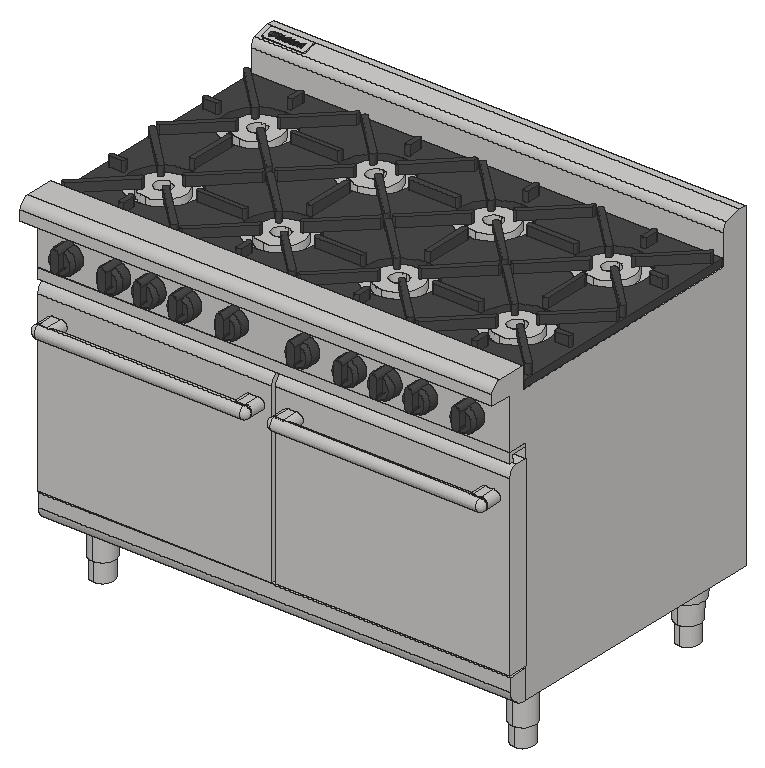
Revit family "QF_MOFFAT WALDORF_RNL8820G", category Specialty Equipment, Revit 2012 (continued)
Automatic sketch dimensions
  Split face 18 sketch curve to Split face 18 sketch curve = 0.7874"
  Extrusion 1 to Split face 19 sketch curve = 0.07725"
  Split face 19 sketch curve to Extrusion 1 = 0.5567"
  Split face 19 sketch curve to Extrusion 1 = 23.01181"
  Split face 19 sketch curve to Split face 19 sketch curve = 0.7874"
  Extrusion 1 to Split face 20 sketch curve = 0.07725"
  Split face 20 sketch curve to Extrusion 1 = 0.5567"
  Split face 20 sketch curve to Extrusion 1 = 21.94882"
  Split face 20 sketch curve to Split face 20 sketch curve = 0.7874"
  Extrusion 1 to Split face 21 sketch curve = 0.07725"
  Split face 21 sketch curve to Extrusion 1 = 0.5567"
  Split face 21 sketch curve to Extrusion 1 = 20.88583"
  Split face 21 sketch curve to Split face 21 sketch curve = 0.7874"
  Extrusion 1 to Split face 22 sketch curve = 0.07725"
  Split face 22 sketch curve to Extrusion 1 = 0.5567"
  Split face 22 sketch curve to Extrusion 1 = 19.82283"
  Split face 22 sketch curve to Split face 22 sketch curve = 0.7874"
  Extrusion 1 to Split face 23 sketch curve = 0.07725"
  Split face 23 sketch curve to Extrusion 1 = 0.5567"
  Split face 23 sketch curve to Extrusion 1 = 18.75984"
  Split face 23 sketch curve to Split face 23 sketch curve = 0.7874"
  Extrusion 1 to Split face 24 sketch curve = 0.07725"
  Split face 24 sketch curve to Extrusion 1 = 0.5567"
  Split face 24 sketch curve to Extrusion 1 = 17.69685"
  Split face 24 sketch curve to Split face 24 sketch curve = 0.7874"
  Extrusion 1 to Split face 25 sketch curve = 0.07725"
  Split face 25 sketch curve to Extrusion 1 = 0.5567"
  Split face 25 sketch curve to Extrusion 1 = 16.63386"
  Split face 25 sketch curve to Split face 25 sketch curve = 0.7874"
  Extrusion 1 to Split face 26 sketch curve = 0.07725"
  Split face 26 sketch curve to Extrusion 1 = 0.5567"
  Split face 26 sketch curve to Extrusion 1 = 15.57087"
  Split face 26 sketch curve to Split face 26 sketch curve = 0.7874"
  Extrusion 1 to Split face 27 sketch curve = 0.07725"
  Split face 27 sketch curve to Extrusion 1 = 0.5567"
  Split face 27 sketch curve to Extrusion 1 = 14.50787"
  Split face 27 sketch curve to Split face 27 sketch curve = 0.7874"
  Extrusion 1 to Split face 28 sketch curve = 0.07725"
  Split face 28 sketch curve to Extrusion 1 = 0.5567"
  Split face 28 sketch curve to Extrusion 1 = 13.44488"
  Split face 28 sketch curve to Split face 28 sketch curve = 0.7874"
  Extrusion 1 to Split face 29 sketch curve = 0.07725"
  Split face 29 sketch curve to Extrusion 1 = 0.5567"
  Split face 29 sketch curve to Extrusion 1 = 12.38189"
  Split face 29 sketch curve to Split face 29 sketch curve = 0.7874"
  Extrusion 1 to Split face 30 sketch curve = 0.07725"
  Split face 30 sketch curve to Extrusion 1 = 0.5567"
  Split face 30 sketch curve to Extrusion 1 = 11.3189"
  Split face 30 sketch curve to Split face 30 sketch curve = 0.7874"
  Extrusion 1 to Split face 31 sketch curve = 0.07725"
  Split face 31 sketch curve to Extrusion 1 = 0.5567"
  Split face 31 sketch curve to Extrusion 1 = 10.25591"
  Split face 31 sketch curve to Split face 31 sketch curve = 0.7874"
  Extrusion 1 to Split face 32 sketch curve = 0.07725"
  Split face 32 sketch curve to Extrusion 1 = 0.5567"
  Split face 32 sketch curve to Extrusion 1 = 9.19291"
  Split face 32 sketch curve to Split face 32 sketch curve = 0.7874"
  Extrusion 1 to Split face 33 sketch curve = 0.07725"
  Split face 33 sketch curve to Extrusion 1 = 0.5567"
  Split face 33 sketch curve to Extrusion 1 = 8.12992"
  Split face 33 sketch curve to Split face 33 sketch curve = 0.7874"
  Extrusion 1 to Split face 34 sketch curve = 0.07725"
  Split face 34 sketch curve to Extrusion 1 = 0.5567"
  Split face 34 sketch curve to Extrusion 1 = 7.06693"
  Split face 34 sketch curve to Split face 34 sketch curve = 0.7874"
  Extrusion 1 to Split face 35 sketch curve = 0.07725"
  Split face 35 sketch curve to Extrusion 1 = 0.5567"
  Split face 35 sketch curve to Extrusion 1 = 6.00394"
  Split face 35 sketch curve to Split face 35 sketch curve = 0.7874"
  Extrusion 1 to Split face 36 sketch curve = 0.07725"
  Split face 36 sketch curve to Extrusion 1 = 0.5567"
  Split face 36 sketch curve to Extrusion 1 = 4.94094"
  Split face 36 sketch curve to Split face 36 sketch curve = 0.7874"
  Extrusion 16 sketch curve to Extrusion 2 = 0.19685"
  Extrusion 2 to Extrusion 16 sketch curve = 0.94488"
  Extrusion 16 sketch curve to Extrusion 2 = 23.44289"
  Extrusion 16 sketch curve to Extrusion 16 sketch curve = 0.35831"
  Split face 37 sketch curve to cut or joined group of Extrusion 1, Extrusion 16, Extrusion 33 = 1.20059"
  Split face 37 sketch curve to cut or joined group of Extrusion 1, Extrusion 16, Extrusion 33 = 9.31099"
  plane 1 "BACK" to curve 1 = 0"
  curve 1 to plane 3 "LEFT" = 0"
  plane 5 "FRONT" to curve 33 = 0"
  plane 3 "LEFT" to curve 36 = 0.23937"
  plane 3 "LEFT" to curve 38 = 0.23937"
  plane 3 "LEFT" to curve 44 = 0.23937"
  plane 3 "LEFT" to curve 42 = 0.23937"
  plane 3 "LEFT" to curve 5 = 0.49213"
  plane 3 "LEFT" to curve 220 = 0.57789"
  plane 3 "LEFT" to curve 221 = 0.57789"
  plane 3 "LEFT" to curve 33 = 0.89175"
  curve 33 to plane 11 = 0.43744"
  curve 220 to plane 11 = 0.40636"
  curve 221 to plane 11 = 0.40636"
  curve 33 to plane 11 = 0.3619"
  curve 7 to plane 17 = 0.75725"
  plane 14 to curve 7 = 1.87008"
  plane 14 to curve 38 = 1.87067"
  plane 14 to curve 36 = 1.87067"
  plane 14 to curve 42 = 1.87067"
  plane 10 to curve 44 = 0.34748"
  plane 14 to curve 44 = 1.87067"
  curve 6 to curve 12 = 0.31823"
  curve 9 to curve 212 = 0.77221"
  plane 14 to curve 213 = 2.96052"
  curve 9 to curve 10 = 0.7874"
  curve 206 to plane 12 = 0.79863"
  curve 38 to curve 206 = 1.10642"
  curve 212 to curve 47 = 0.0316"
  curve 49 to plane 10 = 0.79637"
  curve 213 to curve 49 = 0.0316"
  curve 11 to curve 16 = 0.27232"
  curve 13 to curve 14 = 0.7874"
  plane 10 to curve 45 = 0.34748"
  curve 48 to curve 45 = 1.12146"
  curve 48 to curve 43 = 1.12146"
  curve 46 to curve 37 = 1.12146"
  plane 12 to curve 39 = 1.56669"
  curve 46 to curve 39 = 1.12146"
  curve 15 to curve 20 = 0.27559"
  plane 17 to curve 19 = 0.3834"
  curve 17 to curve 19 = 0.7874"
  curve 18 to curve 22 = 0.27559"
  plane 17 to curve 24 = 0.3834"
  curve 21 to curve 24 = 0.7874"
  curve 22 to curve 27 = 0.27559"
  curve 40 to plane 9 = 1.6622"
  curve 41 to plane 9 = 1.6622"
  curve 26 to curve 27 = 0.7874"
  curve 28 to curve 53 = 0.27559"
  plane 9 to curve 52 = 0.17717"
  curve 52 to curve 57 = 0.27559"
  plane 9 to curve 37 = 0.54803"
  plane 9 to curve 45 = 0.54803"
  plane 9 to curve 43 = 0.54803"
  plane 9 to curve 39 = 0.54803"
  plane 9 to curve 239 = 0.78203"
  curve 45 to curve 200 = 0.47874"
  curve 39 to curve 176 = 0.47874"
  plane 8 "Center X" to curve 198 = 0.30888"
  curve 43 to curve 198 = 0.47874"
  curve 37 to curve 174 = 0.47874"
  curve 54 to curve 56 = 0.7874"
  curve 56 to curve 61 = 0.27559"
  curve 58 to curve 59 = 0.7874"
  curve 60 to curve 65 = 0.27559"
  plane 10 to curve 41 = 1.43552"
  plane 9 to curve 41 = 3.25906"
  plane 9 to curve 40 = 3.25906"
  plane 17 to curve 65 = 0.3834"
  curve 62 to curve 65 = 0.7874"
  curve 64 to curve 69 = 0.27559"
  curve 66 to curve 67 = 0.7874"
  curve 68 to curve 70 = 0.27559"
  curve 70 to curve 71 = 0.7874"
  plane 10 to curve 200 = 0.34748"
  curve 41 to curve 200 = 2.3124"
  plane 10 to curve 198 = 2.52688"
  curve 198 to curve 200 = 0"
  curve 40 to curve 174 = 2.3124"
  plane 12 to curve 176 = 1.56669"
  curve 176 to curve 174 = 0"
  curve 71 to curve 74 = 0.27559"
  curve 74 to curve 75 = 0.7874"
  curve 75 to curve 214 = 0.10619"
  curve 200 to curve 215 = 1 23/256"
  curve 207 to plane 12 = 0.79863"
  curve 176 to curve 207 = 1.10642"
  curve 214 to curve 179 = 0.0316"
  curve 207 to curve 230 = 0.01504"
  curve 76 to curve 78 = 0.27559"
  curve 78 to curve 80 = 0.7874"
  curve 230 to curve 199 = 1.12146"
  curve 179 to curve 175 = 1.12146"
  plane 12 to curve 177 = 1.56669"
  curve 179 to curve 177 = 1.12146"
  plane 10 to curve 201 = 0.34748"
  curve 230 to curve 201 = 1.12146"
  curve 80 to curve 85 = 0.27559"
  curve 82 to curve 84 = 0.7874"
  curve 84 to curve 86 = 0.27559"
  plane 17 to curve 89 = 0.3834"
  curve 86 to curve 89 = 0.7874"
  curve 87 to curve 90 = 0.27559"
  curve 35 to plane 7 "Center Y" = 2.51974"
  curve 178 to plane 7 "Center Y" = 2.44961"
  curve 210 to plane 7 "Center Y" = 2.44961"
  plane 17 to curve 92 = 0.3834"
  curve 90 to curve 92 = 0.7874"
  curve 35 to curve 35 = 0.99179"
  curve 92 to curve 94 = 0.27559"
  curve 97 to plane 7 "Center Y" = 0.72835"
  curve 95 to curve 98 = 0.27559"
  curve 199 to plane 7 "Center Y" = 0.23937"
  curve 201 to plane 7 "Center Y" = 0.23937"
  curve 175 to plane 7 "Center Y" = 0.23937"
  curve 177 to plane 7 "Center Y" = 0.23937"
  curve 225 to plane 7 "Center Y" = 0.17915"
  curve 240 to plane 7 "Center Y" = 0.00537"
  plane 7 "Center Y" to curve 228 = 0.17915"
  plane 7 "Center Y" to curve 204 = 0.23937"
  plane 7 "Center Y" to curve 185 = 0.23937"
  plane 7 "Center Y" to curve 202 = 0.23937"
  plane 7 "Center Y" to curve 187 = 0.23937"
  plane 7 "Center Y" to curve 100 = 0.33465"
  curve 100 to curve 102 = 0.27559"
  curve 102 to curve 103 = 0.7874"
  curve 228 to curve 236 = 1.30314"
  curve 104 to curve 109 = 0.27559"
  plane 17 to curve 109 = 0.3834"
  curve 106 to curve 109 = 0.7874"
  plane 7 "Center Y" to curve 210 = 2.47165"
  plane 7 "Center Y" to curve 178 = 2.47165"
  plane 5 "FRONT" to curve 236 = 0.57261"
  curve 236 to curve 236 = 1.03302"
  curve 236 to plane 5 "FRONT" = 0.78179"
  curve 107 to curve 111 = 0.27559"
  plane 17 to curve 113 = 0.3834"
  curve 110 to curve 113 = 0.7874"
  curve 112 to curve 114 = 0.27559"
  plane 17 to curve 116 = 0.3834"
  curve 114 to curve 116 = 0.7874"
  plane 10 to curve 204 = 0.34748"
  curve 210 to curve 204 = 2.3124"
  curve 202 to curve 204 = 0"
  curve 178 to curve 185 = 2.3124"
  plane 12 to curve 187 = 1.56669"
  curve 187 to curve 185 = 0"
  curve 115 to curve 119 = 0.27559"
  plane 17 to curve 121 = 0.3834"
  curve 118 to curve 121 = 0.7874"
  curve 204 to curve 217 = 1 23/256"
  curve 119 to curve 216 = 0.2243"
  curve 208 to plane 12 = 0.79863"
  curve 187 to curve 208 = 1.10642"
  curve 216 to curve 181 = 0.0316"
  curve 208 to curve 232 = 0.01504"
  curve 120 to curve 125 = 0.27559"
  curve 122 to curve 123 = 0.7874"
  curve 124 to curve 129 = 0.27559"
  curve 181 to curve 186 = 1.12146"
  plane 12 to curve 188 = 1.56669"
  curve 181 to curve 188 = 1.12146"
  plane 10 to curve 203 = 2.52688"
  curve 232 to curve 203 = 1.12146"
  plane 10 to curve 205 = 0.34748"
  curve 232 to curve 205 = 1.12146"
  curve 126 to curve 128 = 0.7874"
  curve 128 to curve 133 = 0.27559"
  curve 130 to curve 132 = 0.7874"
  curve 132 to curve 134 = 0.27559"
  curve 188 to curve 189 = 2.33445"
  curve 205 to curve 211 = 2.33445"
  curve 134 to curve 135 = 0.7874"
  curve 136 to curve 141 = 0.27559"
  curve 138 to curve 140 = 0.7874"
  curve 140 to curve 145 = 0.27559"
  curve 205 to plane 10 = 4.19721"
  curve 217 to curve 205 = 5.69774"
  curve 186 to plane 17 = 2.45617"
  curve 142 to curve 186 = 0.3315"
  plane 8 "Center X" to curve 203 = 0.30888"
  curve 211 to curve 203 = 2.21024"
  curve 188 to plane 13 = 0.61579"
  curve 188 to curve 203 = 0"
  curve 186 to curve 241 = 0.234"
  curve 142 to curve 143 = 0.7874"
  curve 190 to plane 17 = 2.45617"
  curve 186 to curve 190 = 0.47874"
  curve 192 to plane 13 = 0.61579"
  curve 188 to curve 192 = 0.47874"
  curve 196 to plane 10 = 4.18666"
  curve 205 to curve 196 = 0.47874"
  plane 8 "Center X" to curve 194 = 0.31942"
  curve 203 to curve 194 = 0.47874"
  curve 144 to curve 149 = 0.27559"
  curve 146 to curve 148 = 0.7874"
  curve 148 to curve 150 = 0.27559"
  plane 17 to curve 153 = 0.3834"
  curve 150 to curve 153 = 0.7874"
  curve 189 to curve 189 = 4.92126"
  plane 10 to curve 211 = 1.43552"
  curve 211 to curve 211 = 4.92126"
  curve 152 to curve 154 = 0.27559"
  curve 154 to curve 156 = 0.7874"
  curve 155 to curve 158 = 0.27559"
  plane 17 to curve 161 = 0.3834"
  curve 158 to curve 161 = 0.7874"
  curve 160 to curve 162 = 0.27559"
  plane 12 to curve 192 = 1.56669"
  curve 189 to curve 192 = 2.3124"
  curve 190 to curve 192 = 0"
  curve 211 to curve 194 = 2.3124"
  plane 10 to curve 196 = 0.35802"
  curve 196 to curve 194 = 0"
  curve 162 to curve 163 = 0.7874"
  curve 164 to curve 169 = 0.27559"
  curve 166 to curve 218 = 0.06682"
  curve 219 to plane 16 = 3.35837"
  curve 209 to plane 12 = 0.79863"
  curve 192 to curve 209 = 1.10642"
  curve 190 to curve 183 = 1.12146"
  curve 194 to curve 234 = 1.12146"
  curve 166 to curve 167 = 0.7874"
  curve 167 to curve 170 = 0.27559"
  curve 183 to curve 193 = 1.12146"
  curve 183 to curve 191 = 1.12146"
  curve 234 to curve 195 = 1.12146"
  plane 10 to curve 197 = 0.35802"
  curve 234 to curve 197 = 1.12146"
  curve 170 to curve 171 = 0.7874"
  plane 16 to curve 223 = 0.6229"
  plane 16 to curve 222 = 0.6229"
  plane 16 to curve 238 = 0.64956"
  plane 4 "RIGHT" to curve 238 = 0.9374"
  plane 4 "RIGHT" to curve 222 = 0.57789"
  plane 4 "RIGHT" to curve 223 = 0.57789"
  plane 4 "RIGHT" to curve 197 = 0.23937"
  plane 4 "RIGHT" to curve 195 = 0.23937"
  plane 4 "RIGHT" to curve 191 = 0.23937"
  plane 4 "RIGHT" to curve 193 = 0.23937"
  plane 5 "FRONT" to curve 33 = 0.57261"
  curve 227 to curve 237 = 15.72058"
  curve 226 to curve 33 = 15.72058"
  curve 238 to curve 30 = 3.20692"
  curve 239 to plane 5 "FRONT" = 3.90945"
  curve 239 to curve 200 = 0.97711"
  curve 240 to curve 204 = 0.97711"
  curve 31 to curve 44 = 0.97711"
  curve 201 to curve 204 = 0"
  curve 45 to curve 200 = 0"
  curve 31 to curve 197 = 0.98766"
  curve 215 to plane 10 = 3.95807"
  curve 217 to plane 10 = 3.95807"
  curve 219 to plane 10 = 3.95807"
  curve 213 to curve 48 = 3.1617"
  curve 219 to curve 219 = 1.5748"
  curve 217 to curve 217 = 1.5748"
  curve 215 to curve 215 = 1.5748"
  curve 213 to curve 213 = 1.5748"
  curve 231 to plane 10 = 0.79637"
  curve 233 to plane 10 = 0.79637"
  curve 234 to plane 10 = 0.79637"
  plane 10 to curve 210 = 1.43552"
  plane 10 to curve 234 = 1.44773"
  plane 10 to curve 49 = 1.44773"
  plane 10 to curve 233 = 1.44773"
  plane 10 to curve 231 = 1.44773"
  plane 10 to curve 221 = 1.48672"
  plane 10 to curve 223 = 1.48672"
  curve 232 to curve 202 = 1.07915"
  curve 230 to curve 199 = 1.07915"
  curve 48 to curve 43 = 1.07915"
  curve 48 to curve 42 = 1.07915"
  curve 234 to curve 194 = 1.0897"
  curve 234 to curve 195 = 1.0897"
  curve 48 to curve 206 = 1.19065"
  curve 230 to curve 207 = 1.19065"
  curve 234 to curve 209 = 1.19065"
  curve 232 to curve 208 = 1.19065"
  plane 8 "Center X" to curve 199 = 0.30888"
  plane 8 "Center X" to curve 202 = 0.30888"
  plane 8 "Center X" to curve 42 = 0.30888"
  plane 8 "Center X" to curve 43 = 0.30888"
  plane 8 "Center X" to curve 195 = 0.31942"
  curve 42 to curve 242 = 0.28168"
  curve 202 to curve 187 = 0.5528"
  curve 242 to curve 38 = 0.27113"
  curve 242 to curve 193 = 0.27113"
  curve 177 to curve 187 = 0"
  curve 43 to curve 39 = 0.5528"
  curve 39 to curve 176 = 0"
  plane 12 to curve 183 = 0.41229"
  plane 12 to curve 46 = 0.41229"
  plane 12 to curve 182 = 0.41229"
  plane 12 to curve 180 = 0.41229"
  plane 12 to curve 193 = 1.56669"
  plane 12 to curve 38 = 1.56669"
  curve 39 to curve 40 = 1.07749"
  curve 177 to curve 178 = 1.07749"
  curve 188 to curve 189 = 1.07749"
  curve 192 to curve 183 = 1.0897"
  curve 38 to curve 47 = 1.0897"
  curve 176 to curve 179 = 1.0897"
  curve 187 to curve 181 = 1.0897"
  plane 12 to curve 220 = 2.69538"
  plane 12 to curve 222 = 2.69538"
  curve 183 to curve 191 = 1.0897"
  curve 183 to curve 190 = 1.0897"
  curve 181 to curve 186 = 1.0897"
  curve 46 to curve 37 = 1.0897"
  curve 179 to curve 175 = 1.0897"
  curve 181 to curve 185 = 1.0897"
  curve 46 to curve 36 = 1.0897"
  curve 179 to curve 174 = 1.0897"
  curve 46 to curve 212 = 1.60208"
  curve 181 to curve 216 = 1.60208"
  curve 183 to curve 218 = 1.60208"
  curve 179 to curve 214 = 1.60208"
  curve 216 to curve 216 = 1.77165"
  curve 218 to curve 218 = 1.77165"
  curve 212 to curve 212 = 1.77165"
  curve 214 to curve 214 = 1.77165"
  curve 174 to plane 17 = 2.45617"
  curve 175 to plane 17 = 2.45617"
  curve 37 to curve 174 = 0"
  curve 175 to curve 185 = 0"
  curve 191 to plane 17 = 2.45617"
  curve 36 to curve 5 = 1.69891"
  curve 37 to curve 239 = 0.85247"
  curve 32 to curve 4 = 0.10763"
  curve 82 to plane 17 = 0.72936"
  curve 102 to plane 17 = 0.72936"
  curve 80 to curve 82 = 0"
  curve 103 to curve 106 = 0"
  curve 76 to curve 78 = 0"
  curve 107 to curve 110 = 0"
  curve 72 to curve 74 = 0"
  curve 111 to curve 114 = 0"
  curve 68 to curve 70 = 0"
  curve 115 to curve 118 = 0"
  curve 64 to curve 66 = 0"
  curve 119 to curve 122 = 0"
  curve 60 to curve 62 = 0"
  curve 123 to curve 126 = 0"
  curve 56 to curve 58 = 0"
  curve 127 to curve 130 = 0"
  curve 52 to curve 54 = 0"
  curve 83 to curve 86 = 0"
  curve 99 to curve 102 = 0"
  curve 131 to curve 135 = 0"
  curve 135 to curve 138 = 0"
  curve 96 to curve 98 = 0"
  curve 28 to curve 50 = 0"
  curve 139 to curve 142 = 0"
  curve 143 to curve 146 = 0"
  curve 23 to curve 26 = 0"
  curve 147 to curve 150 = 0"
  curve 19 to curve 21 = 0"
  curve 151 to curve 154 = 0"
  curve 15 to curve 17 = 0"
  curve 155 to curve 158 = 0"
  curve 11 to curve 13 = 0"
  curve 159 to curve 162 = 0"
  curve 87 to curve 90 = 0"
  curve 163 to curve 166 = 0"
  curve 167 to curve 170 = 0"
  plane 17 to curve 173 = 0.3834"
  plane 17 to curve 169 = 0.3834"
  curve 160 to curve 165 = 0"
  curve 152 to curve 157 = 0"
  plane 17 to curve 149 = 0.3834"
  plane 17 to curve 145 = 0.3834"
  plane 17 to curve 141 = 0.3834"
  plane 17 to curve 137 = 0.3834"
  plane 17 to curve 133 = 0.3834"
  plane 17 to curve 129 = 0.3834"
  curve 120 to curve 125 = 0"
  plane 17 to curve 105 = 0.3834"
  plane 17 to curve 101 = 0.3834"
  curve 92 to curve 97 = 0"
  plane 17 to curve 85 = 0.3834"
  plane 17 to curve 81 = 0.3834"
  plane 17 to curve 77 = 0.3834"
  plane 17 to curve 73 = 0.3834"
  curve 64 to curve 69 = 0"
  plane 17 to curve 61 = 0.3834"
  plane 17 to curve 57 = 0.3834"
  plane 17 to curve 53 = 0.3834"
  curve 23 to curve 29 = 0"
  plane 17 to curve 16 = 0.3834"
  plane 17 to curve 12 = 0.3834"
  curve 9 to curve 6 = 0.05134"
  Extrusion 9 sketch curve to plane 17 = 2.42529"  (x5)
  Extrusion 9 sketch curve to Extrusion 9 sketch curve = 0"  (x23)
  plane 3 "LEFT" to Extrusion 9 sketch curve = 0.59659"
  Extrusion 9 sketch curve to plane 7 "Center Y" = 0.59659"  (x2)
  plane 7 "Center Y" to Extrusion 9 sketch curve = 0.59659"
  plane 4 "RIGHT" to Extrusion 9 sketch curve = 0.59659"  (x2)
  plane 9 to Extrusion 9 sketch curve = 0.19082"  (x3)
  Extrusion 9 sketch curve to Extrusion 9 sketch curve = 0.17817"  (x48)
  Extrusion 9 sketch curve to plane 17 = 2.75188"  (x4)
  Extrusion 9 sketch curve to Extrusion 9 sketch curve = 1.22851"  (x8)
  Extrusion 9 sketch curve to Extrusion 9 sketch curve = 2.69384"  (x4)
  plane 4 "RIGHT" to Extrusion 9 sketch curve = 161/256"  (x2)
  plane 12 to Extrusion 9 sketch curve = 2.94735"  (x2)
  plane 3 "LEFT" to Extrusion 9 sketch curve = 0.67812"  (x2)
  Extrusion 9 sketch curve to Extrusion 9 sketch curve = 0.80802"  (x8)
  Extrusion 9 sketch curve to Extrusion 9 sketch curve = 0.25197"  (x22)
  plane 12 to Extrusion 9 sketch curve = 1.5964"  (x8)
  Extrusion 9 sketch curve to plane 12 = 0.96164"  (x4)
  Extrusion 9 sketch curve to plane 13 = 0.29033"  (x8)
  plane 8 "Center X" to Extrusion 9 sketch curve = 0.3503"  (x8)
  plane 8 "Center X" to Extrusion 9 sketch curve = 0.17213"  (x8)
  Extrusion 9 sketch curve to plane 8 "Center X" = 1.69693"  (x4)
  Extrusion 9 sketch curve to Extrusion 9 sketch curve = 2.2017"  (x12)
  plane 10 to Extrusion 9 sketch curve = 1.73869"  (x2)
  plane 10 to Extrusion 9 sketch curve = 1.69969"  (x3)
  plane 10 to Extrusion 9 sketch curve = 0.38774"  (x8)
  plane 10 to Extrusion 9 sketch curve = 0.20957"  (x8)
  Extrusion 9 sketch curve to plane 10 = 2.58012"  (x4)
  plane 3 "LEFT" to Extrusion 9 sketch curve = 0.24025"  (x3)
  Extrusion 9 sketch curve to plane 10 = 3.8612"  (x5)
  plane 7 "Center Y" to Extrusion 9 sketch curve = 0.24025"  (x3)
  plane 9 to Extrusion 9 sketch curve = 0.54715"
  plane 4 "RIGHT" to Extrusion 9 sketch curve = 0.24025"
  Extrusion 9 sketch curve to plane 7 "Center Y" = 0.24025"
  Extrusion 9 sketch curve to plane 11 = 0.45558"  (x2)
  plane 14 to Extrusion 9 sketch curve = 1.5758"  (x4)
  plane 14 to Extrusion 9 sketch curve = 2.74016"
  Extrusion 9 sketch curve to Extrusion 9 sketch curve = 2.11998"  (x16)
  Extrusion 9 sketch curve to plane 9 = 1.50008"  (x2)
  Extrusion 9 sketch curve to Extrusion 9 sketch curve = 0.4805"  (x8)
  plane 9 to Extrusion 9 sketch curve = 3.07488"  (x2)
  Extrusion 9 sketch curve to Extrusion 9 sketch curve = 0.77642"  (x5)
  Extrusion 9 sketch curve to plane 7 "Center Y" = 2.28748"  (x2)
  plane 7 "Center Y" to Extrusion 9 sketch curve = 2.28748"  (x2)
  Extrusion 9 sketch curve to Extrusion 9 sketch curve = 5.05696"
  Extrusion 9 sketch curve to Extrusion 9 sketch curve = 5.08856"  (x2)
  Extrusion 9 sketch curve to Extrusion 9 sketch curve = 4.57497"  (x2)
  Extrusion 9 sketch curve to plane 16 = 3.61034"
  plane 16 to Extrusion 9 sketch curve = 0.72132"  (x2)
  curve 183 to curve 243 = 0"  (x2)
  curve 209 to curve 243 = 0.10856"
  curve 219 to curve 246 = 0.0316"
  curve 219 to curve 245 = 0.47399"
  curve 246 to curve 234 = 0.01055"
  curve 181 to curve 247 = 0"  (x2)
  curve 208 to curve 247 = 0.10856"
  curve 217 to curve 249 = 0.0316"
  curve 217 to curve 250 = 0.47399"
  curve 250 to curve 232 = 0.01055"
  curve 215 to curve 251 = 0.0316"
  curve 215 to curve 251 = 0.47399"
  curve 252 to curve 230 = 0.01055"
  curve 179 to curve 253 = 0"  (x2)
  curve 207 to curve 253 = 0.10856"
  curve 46 to curve 255 = 0"  (x2)
  curve 206 to curve 256 = 0.10856"
  curve 206 to curve 258 = 0.01504"
  curve 213 to curve 258 = 0.47399"
  curve 257 to curve 48 = 0.01055"
  Extrusion 33 sketch curve to plane 16 = 0.02015"
  Extrusion 33 sketch curve to Extrusion 33 sketch curve = 3.18898"
  Extrusion 33 sketch curve to plane 17 = 0.26616"
  Extrusion 33 sketch curve to Extrusion 33 sketch curve = 1.90945"
  Extrusion 33 sketch curve to plane 1 "BACK" = 1.19053"
  Extrusion 33 sketch curve to plane 17 = 2.17561"
  Extrusion 1 sketch curve to plane 5 "FRONT" = 0"
  Extrusion 1 sketch curve to plane 6 "TOP" = 0"
  Extrusion 1 sketch curve to plane 1 "BACK" = 0"
  Extrusion 1 sketch curve to plane 5 "FRONT" = 0.94488"
  Extrusion 1 sketch curve to plane 5 "FRONT" = 2.20472"
  Extrusion 1 sketch curve to Extrusion 1 sketch curve = 0"
  Extrusion 1 sketch curve to plane 5 "FRONT" = 2.29408"
  Extrusion 1 sketch curve to Extrusion 1 sketch curve = 0.25145"
  Extrusion 1 sketch curve to Extrusion 1 sketch curve = 0.34551"
  Extrusion 1 sketch curve to Extrusion 1 sketch curve = 1.5748"
  Extrusion 1 sketch curve to Extrusion 1 sketch curve = 1.69978"
  Extrusion 1 sketch curve to Extrusion 1 sketch curve = 0.10337"
  Extrusion 1 sketch curve to Extrusion 1 sketch curve = 1.64106"
  Extrusion 1 sketch curve to Extrusion 1 sketch curve = 0.16535"  (x2)
  Extrusion 1 sketch curve to plane 6 "TOP" = 0.44527"
  Extrusion 1 sketch curve to Extrusion 1 sketch curve = 0.44453"
  Extrusion 1 sketch curve to plane 17 = 0.60701"
  plane 17 to Extrusion 1 sketch curve = 0.61024"
  plane 18 to Extrusion 1 sketch curve = 3.19759"
  Extrusion 1 sketch curve to Extrusion 1 sketch curve = 0.08724"
  Extrusion 1 sketch curve to Extrusion 1 sketch curve = 0.27574"
  Extrusion 1 sketch curve to Extrusion 1 sketch curve = 0.66927"
  level to Extrusion 1 sketch curve = 8.75984"
  Extrusion 1 sketch curve to Extrusion 1 sketch curve = 1.14103"
  Extrusion 1 sketch curve to Extrusion 1 sketch curve = 1.35827"
  Extrusion 1 sketch curve to Extrusion 1 sketch curve = 0.00281"
  Extrusion 1 sketch curve to Extrusion 1 sketch curve = 0.76995"
  plane 10 to Extrusion 8 sketch curve = 1.43718"  (x4)
  plane 7 "Center Y" to Extrusion 8 sketch curve = 5.90551"  (x2)
  Extrusion 34 sketch curve to plane 11 = 0.05795"
  Extrusion 34 sketch curve to plane 18 = 1.84547"  (x2)
  Extrusion 34 sketch curve to Extrusion 34 sketch curve = 0.59055"  (x2)
  Extrusion 34 sketch curve to plane 7 "Center Y" = 2.35207"
  Extrusion 34 sketch curve to Extrusion 34 sketch curve = 0.79849"  (x2)
  Revolve 35 sketch curve to plane 3 "LEFT" = 0.27405"
  plane 3 "LEFT" to Revolve 35 sketch curve = 0.91521"
  Revolve 35 sketch curve to plane 18 = 0.66437"
  Revolve 35 sketch curve to Revolve 35 sketch curve = 0.59055"
  Revolve 35 sketch curve to plane 7 "Center Y" = 1.54127"
  Revolve 35 sketch curve to plane 7 "Center Y" = 0.4709"
  Revolve 35 sketch curve to Revolve 35 sketch curve = 0"
  Extrusion 36 sketch curve to plane 18 = 1.84547"  (x2)
  plane 16 to Extrusion 36 sketch curve = 0.22667"
  Extrusion 36 sketch curve to Extrusion 36 sketch curve = 0.59055"  (x2)
  Extrusion 36 sketch curve to Extrusion 36 sketch curve = 0.79849"  (x2)
  plane 7 "Center Y" to Extrusion 36 sketch curve = 2.30426"
  Revolve 37 sketch curve to plane 7 "Center Y" = 0.27405"
  plane 7 "Center Y" to Revolve 37 sketch curve = 0.91521"
  Revolve 37 sketch curve to plane 18 = 0.66437"
  Revolve 37 sketch curve to Revolve 37 sketch curve = 0.59055"
  plane 16 to Revolve 37 sketch curve = 1.03747"
  plane 4 "RIGHT" to Revolve 37 sketch curve = 0.4709"
  Revolve 37 sketch curve to Revolve 37 sketch curve = 0"
  Extrusion 38 sketch curve to Extrusion 38 sketch curve = 0"  (x17)
  Extrusion 1 to Extrusion 38 sketch curve = 6.59449"  (x4)
  Extrusion 38 sketch curve to Extrusion 1 = 6.75197"  (x4)
  Extrusion 1 to Extrusion 38 sketch curve = 5.90551"  (x4)
  Extrusion 38 sketch curve to Extrusion 38 sketch curve = 11.81102"  (x3)
  curve 46 to curve 259 = 0"  (x2)
  curve 259 to curve 259 = 0.86614"
  curve 179 to curve 261 = 0"  (x2)
  curve 261 to curve 261 = 0.86614"
  curve 181 to curve 263 = 0"  (x2)
  curve 263 to curve 263 = 0.86614"
  curve 183 to curve 265 = 0"  (x2)
  curve 265 to curve 265 = 0.86614"
  curve 234 to curve 267 = 0"  (x2)
  plane 10 to curve 267 = 0.58158"
  curve 232 to curve 269 = 0"  (x2)
  plane 10 to curve 269 = 0.58158"
  curve 230 to curve 271 = 0"  (x2)
  plane 10 to curve 271 = 0.58158"
  curve 48 to curve 273 = 0"  (x2)
  plane 10 to curve 274 = 0.58158"
  radius of Extrusion 7 sketch curve = 0.3937"
  radius of Extrusion 8 sketch curve = 3.34646"  (x8)
  radius of Split face 37 sketch curve = 0.23622"
  radius of Extrusion 38 sketch curve = 2.24409"  (x8)
  radius of Extrusion 38 sketch curve = 0.86614"  (x8)
Nested families (in)
  nested 1: "WALDORF LOGO_FACE BASE" at (0.49213, -0.85968, 38.13269) x (1, 0, 0) z (0, -0.2588, 0.9659), visible <- "Show Logo", type "WALDORF LOGO_FACE BASE", detail levels medium+fine
    with Show Logo yes
Connectors (in)
  piping at (42.12598, -1.25984, 25.7874)
    settings: on Extrusion 7, index 4, connector radius 3/8", flow factor 0, pipe flow 0 GPM, pressure drop 0.00 psi, fitting loss kfactor 0, connector angle 0.00°, fixture units 0, engagement length 0", flow configuration 1, flow direction 1, fitting loss method 0, system type 7, joint type 0, gender type 0, connector reference index -1, connector utility 0, adjustable connector no, is connector primary yes, fitting loss table "", connector description "GAS CONNECTION"
Definition of nested family "WALDORF LOGO_FACE BASE"
  Parameters (values of type "WALDORF LOGO_FACE BASE")
    Show Logo [instance] = yes
    Default Elevation = 48"
  Reference planes (in)
    plane 1 "Center (Front/Back)": y = 0
    plane 2: z = 0
    plane 3 "Center (Left/Right)": x = 0
  Forms (in)
    Extrusion 1, solid
      sketch origin (0, 0, 0) x (1, 0, 0) y (0, 1, 0)
        loop
          line (-48, 48) -> (-48, -48) -> (48, -48) -> (48, 48) -> (-48, 48)
      from 0 to -12
    Extrusion 2, solid, material "QF_Finishes_Stainless Steel", visible <- "Show Logo"
      sketch origin (0, -1.30776, 0) x (1, 0, 0) y (0, 1, 0)
        loop
          arc (0.19685, 1.34409) -> (0.05766, 1.28644) -> (0, 1.14724) r 0.19685
          line (0, 1.14724) -> (0, 0.19685)
          arc (0, 0.19685) -> (0.05766, 0.05766) -> (0.19685, 0) r 0.19685
          line (0.19685, 0) -> (4.09449, 0)
          arc (4.09449, 0) -> (4.23368, 0.05766) -> (4.29134, 0.19685) r 0.19685
          line (4.29134, 0.19685) -> (4.29134, 1.14724)
          arc (4.29134, 1.14724) -> (4.23368, 1.28644) -> (4.09449, 1.34409) r 0.19685
          line (4.09449, 1.34409) -> (0.19685, 1.34409)
      from 0 to 0.0625
    Extrusion 3, solid, material "QF_Finishes_Black", visible <- "Show Logo"
      sketch origin (0, -1.30776, 0.0625) x (1, 0, 0) y (0, 1, 0)
        loop
          line (0.97529, 0.91394) -> (1.10205, 0.40555) -> (1.24216, 0.40555) -> (1.31667, 0.68363) -> (1.38601, 0.40555) -> (1.54851, 0.40555) -> (1.65657, 0.91394) -> (1.50992, 0.91394) -> (1.44394, 0.60355) -> (1.37797, 0.91394) -> (1.25007, 0.91394) -> (1.18409, 0.60355) -> (1.11812, 0.91394) -> (0.97529, 0.91394)
        loop
          line (1.66424, 0.67145) -> (1.79935, 0.67145)
          spline (1.79935, 0.67145) -> (1.80084, 0.68049) -> (1.8052, 0.68892) -> (1.81214, 0.69616) -> (1.82119, 0.70171) -> (1.83172, 0.7052) -> (1.84303, 0.70639) -> (1.85433, 0.7052) -> (1.86487, 0.70171) -> (1.87391, 0.69616) -> (1.88085, 0.68892) -> (1.88522, 0.68049) -> (1.8867, 0.67145)
          line (1.8867, 0.67145) -> (1.8867, 0.63866)
          arc (1.8867, 0.63866) -> (1.80086, 0.63047) -> (1.71911, 0.60304) r 0.3781
          arc (1.71911, 0.60304) -> (1.65056, 0.50429) -> (1.71911, 0.40555) r 0.1054
          arc (1.71911, 0.40555) -> (1.79242, 0.4076) -> (1.86346, 0.42583) r 0.32932
          line (1.86346, 0.42583) -> (1.8934, 0.4372) -> (1.8934, 0.40555) -> (2.04004, 0.40555) -> (2.04004, 0.67145)
          spline (2.04004, 0.67145) -> (2.03364, 0.70162) -> (2.01487, 0.72973) -> (1.98501, 0.75387) -> (1.94609, 0.77239) -> (1.90077, 0.78403) -> (1.85214, 0.788) -> (1.80351, 0.78403) -> (1.75819, 0.77239) -> (1.71928, 0.75387) -> (1.68942, 0.72973) -> (1.67064, 0.70162) -> (1.66424, 0.67145)
        loop
          line (2.09256, 0.91394) -> (2.09256, 0.40555) -> (2.25865, 0.40555) -> (2.25865, 0.91394) -> (2.09256, 0.91394)
        loop
          line (2.55408, 0.91394) -> (2.55408, 0.7424)
          arc (2.55408, 0.7424) -> (2.28672, 0.59489) -> (2.55408, 0.44737) r 0.17438
          line (2.55408, 0.44737) -> (2.55408, 0.40555) -> (2.69204, 0.40555) -> (2.69204, 0.91394) -> (2.55408, 0.91394)
        loop
          arc (2.55408, 0.6332) -> (2.41772, 0.59004) -> (2.55408, 0.54689) r 0.07501
          line (2.55408, 0.54689) -> (2.55408, 0.6332)
        loop
          circle (2.93792, 0.59932) r 0.19685
        loop
          spline (2.93792, 0.70298) -> (2.92737, 0.69944) -> (2.91754, 0.68909) -> (2.90909, 0.67262) -> (2.90261, 0.65115) -> (2.89854, 0.62615) -> (2.89715, 0.59932) -> (2.89854, 0.57249) -> (2.90261, 0.54749) -> (2.90909, 0.52602) -> (2.91754, 0.50954) -> (2.92737, 0.49919) -> (2.93792, 0.49566)
          spline (2.93792, 0.49566) -> (2.94847, 0.49919) -> (2.9583, 0.50954) -> (2.96674, 0.52602) -> (2.97322, 0.54749) -> (2.97729, 0.57249) -> (2.97868, 0.59932) -> (2.97729, 0.62615) -> (2.97322, 0.65115) -> (2.96674, 0.67262) -> (2.9583, 0.68909) -> (2.94847, 0.69944) -> (2.93792, 0.70298)
        loop
          line (3.19903, 0.78003) -> (3.19903, 0.40555) -> (3.33994, 0.40555) -> (3.33994, 0.55809)
          arc (3.33994, 0.55809) -> (3.38007, 0.63357) -> (3.46509, 0.64251) r 0.09104
          line (3.46509, 0.64251) -> (3.46509, 0.78003) -> (3.43153, 0.78003)
          arc (3.43153, 0.78003) -> (3.36715, 0.75849) -> (3.3287, 0.70254) r 0.10698
          line (3.3287, 0.70254) -> (3.3287, 0.78003) -> (3.19903, 0.78003)
        loop
          line (3.55311, 0.78003) -> (3.50041, 0.78003) -> (3.50041, 0.69348) -> (3.55311, 0.69348) -> (3.55311, 0.40555) -> (3.7007, 0.40555) -> (3.7007, 0.69348) -> (3.7566, 0.69348) -> (3.7566, 0.78003) -> (3.7007, 0.78003)
          arc (3.7007, 0.78003) -> (3.71707, 0.81956) -> (3.7566, 0.83593) r 0.05591
          line (3.7566, 0.83593) -> (3.7566, 0.92922) -> (3.67389, 0.92922)
          arc (3.67389, 0.92922) -> (3.59618, 0.9017) -> (3.55311, 0.8314) r 0.12349
          line (3.55311, 0.8314) -> (3.55311, 0.78003)
        loop
          arc (0.60004, 0.92798) -> (0.3304, 0.65058) -> (0.60004, 0.37318) r 0.27751
          line (0.60004, 0.37318) -> (0.60004, 0.92798)
        loop
          line (0.61579, 0.92798) -> (0.61579, 0.37318)
          arc (0.61579, 0.37318) -> (0.88543, 0.65058) -> (0.61579, 0.92798) r 0.27751
        loop
          arc (1.8867, 0.57916) -> (1.8215, 0.54129) -> (1.8867, 0.50342) r 0.0436
          line (1.8867, 0.50342) -> (1.8867, 0.57916)
      from 0 to 0.00787
  Dimensions and locks (in)
    aligned and locked: plane 2 to Extrusion 1
    aligned and locked: level to Extrusion 1
